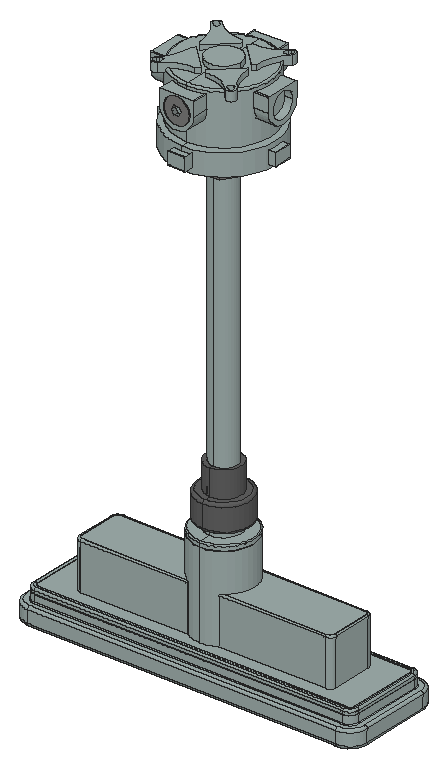
Revit family "EGLL2020-119A^22", category 照明器具, Revit 2020
Family settings
  丸型コネクタ寸法 = 直径を使用
  パーツ タイプ = 標準
  作業面ベース = はい
  常に垂直 = いいえ
  ロード時にボイドで切り取り = いいえ
  光源 = いいえ
  共有 = いいえ
  部屋計算ポイント = はい
Parameters
  既定の高さ = 1219.2 mm
  電源種別_記号 = "AC"
  電源種別 = "一般"
  製造元 = "伊東電機株式会社(ITO DENKI CO.,LTD.)"
  製品質量 = 7.60 kg
  色温度 = "5000"
  形式2 = ""
  形式1 = "パイプ吊形"
  平均演色評価数(Ra) = 83
  定格消費電力（200V時最大） = 0 W
  定格消費電力（200V時平均） = 20.8 W
  定格光束(lm) = 3340 lm
  呼称 = ""
  仕上色 = マンセル7.5BG6/1.5
  光源寿命 = "60000"
  仕様 = ""
  ランプの種類 = "LED"
  カタログ番号 = "HS001104"
  Width = 0 mm
  Height = 0 mm
  Depth = 0 mm
  Clearance Top = 0 mm
  Clearance Right = 0 mm
  Clearance Left = 0 mm
  Clearance Front = 0 mm
  Clearance Bottom = 0 mm
  Clearance Back = 0 mm
Reference planes
  plane 1 "中心(正面/背面)": y = 0
  plane 2: z = 0
  plane 3 "中心(左/右)": x = 0
  plane 4: x = 199
  plane 5: x = -199
  plane 6: y = -60.5
  plane 7: y = 60.5
  plane 8: y = -30
  plane 9: y = 30
  plane 10: x = 10
  plane 11: x = -10
  plane 12: y = 28
  plane 13: y = -28
  plane 14: x = -147
  plane 15: x = 147
  plane 16: z = 630
  plane 17: z = 603
  plane 18: z = 563
  plane 19: z = 538
Forms (mm)
  Extrusion 1, solid, material "強化ガラスt5"
    sketch origin (0, 0, 0) x (1, 0, 0) y (0, 1, 0)
      loop
        arc (-179, 50.5) -> (-186.071, 47.571) -> (-189, 40.5) r 10
        line (-189, 40.5) -> (-189, -40.5)
        arc (-189, -40.5) -> (-186.071, -47.571) -> (-179, -50.5) r 10
        line (-179, -50.5) -> (179, -50.5)
        arc (179, -50.5) -> (186.071, -47.571) -> (189, -40.5) r 10
        line (189, -40.5) -> (189, 40.5)
        arc (189, 40.5) -> (186.071, 47.571) -> (179, 50.5) r 10
        line (179, 50.5) -> (-179, 50.5)
    from 0 to 5
  Sweep 2, solid, material "マンセル7.5BG6/1.5" <- "仕上色"
    path origin (0, 0, 0) x (1, 0, 0) y (0, 1, 0)
      loop
        arc (-179, 60.5) -> (-193.142, 54.642) -> (-199, 40.5) r 20
        line (-199, 40.5) -> (-199, -40.5)
        arc (-199, -40.5) -> (-193.142, -54.642) -> (-179, -60.5) r 20
        line (-179, -60.5) -> (179, -60.5)
        arc (179, -60.5) -> (193.142, -54.642) -> (199, -40.5) r 20
        line (199, -40.5) -> (199, 40.5)
        arc (199, 40.5) -> (193.142, 54.642) -> (179, 60.5) r 20
        line (179, 60.5) -> (-179, 60.5)
    profile origin (0, 60.5, 0) x (0, 1, 0) y (0, 0, 1)
      loop
        arc (-3, 0) -> (-0.879, 0.879) -> (0, 3) r 3
        line (0, 3) -> (0, 17)
        arc (0, 17) -> (-0.879, 19.121) -> (-3, 20) r 3
        line (-3, 20) -> (-9, 20)
        arc (-9, 20) -> (-9.707, 20.293) -> (-10, 21) r 1
        line (-10, 21) -> (-10, 29) -> (-11, 29) -> (-11, 30) -> (-10, 30) -> (-10, 32.964)
        arc (-10, 32.964) -> (-10.596, 34.404) -> (-12.036, 35) r 2.036
        line (-12.036, 35) -> (-15, 35) -> (-15, 5) -> (-10, 5) -> (-10, 0) -> (-3, 0)
  Extrusion 3, solid, material "マンセル7.5BG6/1.5" <- "仕上色"
    sketch origin (0, 0, 0) x (1, 0, 0) y (0, 1, 0)
      loop
        arc (-179, 45.5) -> (-182.536, 44.036) -> (-184, 40.5) r 5
        line (-184, 40.5) -> (-184, -40.5)
        arc (-184, -40.5) -> (-182.536, -44.036) -> (-179, -45.5) r 5
        line (-179, -45.5) -> (179, -45.5)
        arc (179, -45.5) -> (182.536, -44.036) -> (184, -40.5) r 5
        line (184, -40.5) -> (184, 40.5)
        arc (184, 40.5) -> (182.536, 44.036) -> (179, 45.5) r 5
        line (179, 45.5) -> (-179, 45.5)
    from 30 to 35
  Revolve 4, solid, material "マンセル7.5BG6/1.5" <- "仕上色"
    sketch origin (0, 0, 0) x (0, 1, 0) y (0, 0, 1)
      loop
        line (0, 536) -> (0, 35) -> (35, 35) -> (35, 134) -> (34.2, 134) -> (34.2, 135) -> (35, 135) -> (35, 139)
        arc (35, 139) -> (34.707, 139.707) -> (34, 140) r 1
        line (34, 140) -> (20, 140) -> (20, 163.833) -> (15, 163.833) -> (15, 536) -> (0, 536)
      axis (0, 35) -> (0, 536)
    angle from 0 to 360
  Extrusion 5, solid, material "マンセル7.5BG6/1.5" <- "仕上色"
    sketch origin (0, 0, 0) x (1, 0, 0) y (0, 1, 0)
      loop
        line (18.028, 28) -> (18.028, -28) -> (142, -28)
        arc (142, -28) -> (145.536, -26.536) -> (147, -23) r 5
        line (147, -23) -> (147, 23)
        arc (147, 23) -> (145.536, 26.536) -> (142, 28) r 5
        line (142, 28) -> (18.028, 28)
      loop
        line (-18.028, 28) -> (-142, 28)
        arc (-142, 28) -> (-145.536, 26.536) -> (-147, 23) r 5
        line (-147, 23) -> (-147, -23)
        arc (-147, -23) -> (-145.536, -26.536) -> (-142, -28) r 5
        line (-142, -28) -> (-18.028, -28) -> (-18.028, 28)
    from 35 to 90
  Revolve 6, solid, material "橡膠、黑色"
    sketch origin (0, 0, -26.167) x (0, 1, 0) y (0, 0, 1)
      loop
        line (30, 177.167) -> (30, 203.167)
        arc (30, 203.167) -> (29.121, 205.288) -> (27, 206.167) r 3
        line (27, 206.167) -> (20, 206.167) -> (20, 236.167) -> (15, 236.167) -> (15, 201.167) -> (25, 201.167) -> (25, 176.167) -> (29, 176.167)
        arc (29, 176.167) -> (29.707, 176.46) -> (30, 177.167) r 1
      axis (0, 236.167) -> (0, 176.167)
    angle from 0 to 360
  Sweep 7, solid, material "マンセル7.5BG6/1.5" <- "仕上色"
    path origin (0, 0, 0) x (1, 0, 0) y (0, 1, 0)
      loop
        line (18.028, -28) -> (142, -28)
        arc (142, -28) -> (145.536, -26.536) -> (147, -23) r 5
        line (147, -23) -> (147, 23)
        arc (147, 23) -> (145.536, 26.536) -> (142, 28) r 5
        line (142, 28) -> (18.028, 28)
    profile origin (80.014, -28, 0) x (0, 1, 0) y (0, 0, 1)
      loop
        line (0, 35) -> (0, 90)
        arc (0, 90) -> (-1.414, 89.414) -> (-2, 88) r 2
        line (-2, 88) -> (-2, 35) -> (0, 35)
  Sweep 8, solid, material "マンセル7.5BG6/1.5" <- "仕上色"
    path origin (0, 0, 0) x (-1, 0, 0) y (0, 1, 0)
      loop
        line (18.028, -28) -> (142, -28)
        arc (142, -28) -> (145.536, -26.536) -> (147, -23) r 5
        line (147, -23) -> (147, 23)
        arc (147, 23) -> (145.536, 26.536) -> (142, 28) r 5
        line (142, 28) -> (18.028, 28)
    profile origin (-80.014, -28, 0) x (0, -1, 0) y (0, 0, 1)
      loop
        line (0, 35) -> (2, 35) -> (2, 88)
        arc (2, 88) -> (1.414, 89.414) -> (0, 90) r 2
        line (0, 90) -> (0, 35)
  Revolve 9, solid, material "マンセル7.5BG6/1.5" <- "仕上色"
    sketch origin (0, 0, 316) x (0, 1, 0) y (0, 0, 1)
      loop
        line (0, 222) -> (49.5, 222) -> (49.5, 224) -> (50.5, 224) -> (50.5, 222) -> (60.5, 222) -> (60.5, 247) -> (39.178, 247) -> (39.178, 249) -> (54.178, 249) -> (54.178, 307)
        arc (54.178, 307) -> (53.592, 308.414) -> (52.178, 309) r 2
        line (52.178, 309) -> (0, 309) -> (0, 222)
      axis (0, 222) -> (0, 309)
    angle from 0 to 360
  Extrusion 10, solid, material "マンセル7.5BG6/1.5" <- "仕上色"
    sketch origin (0, 0, 316) x (-1, 0, 0) y (0, 0, 1)
      loop
        line (58.5, 242) -> (58.5, 227) -> (68, 227)
        arc (68, 227) -> (68.354, 227.146) -> (68.5, 227.5) r 0.5
        line (68.5, 227.5) -> (68.5, 241.5)
        arc (68.5, 241.5) -> (68.354, 241.854) -> (68, 242) r 0.5
        line (68, 242) -> (58.5, 242)
      loop
        line (-58.338, 242) -> (-68, 242)
        arc (-68, 242) -> (-68.354, 241.854) -> (-68.5, 241.5) r 0.5
        line (-68.5, 241.5) -> (-68.5, 227.5)
        arc (-68.5, 227.5) -> (-68.354, 227.146) -> (-68, 227) r 0.5
        line (-68, 227) -> (-58.338, 227) -> (-58.338, 242)
    from -10 to 10
  Extrusion 11, solid, material "マンセル7.5BG6/1.5" <- "仕上色"
    sketch origin (0, 0, 316) x (0, 1, 0) y (0, 0, 1)
      loop
        line (58.5, 242) -> (58.5, 227) -> (68, 227)
        arc (68, 227) -> (68.354, 227.146) -> (68.5, 227.5) r 0.5
        line (68.5, 227.5) -> (68.5, 241.5)
        arc (68.5, 241.5) -> (68.354, 241.854) -> (68, 242) r 0.5
        line (68, 242) -> (58.5, 242)
      loop
        line (-58.5, 242) -> (-68, 242)
        arc (-68, 242) -> (-68.354, 241.854) -> (-68.5, 241.5) r 0.5
        line (-68.5, 241.5) -> (-68.5, 227.5)
        arc (-68.5, 227.5) -> (-68.354, 227.146) -> (-68, 227) r 0.5
        line (-68, 227) -> (-58.5, 227) -> (-58.5, 242)
    from -10 to 10
  Extrusion 12, solid, material "マンセル7.5BG6/1.5" <- "仕上色"
    sketch origin (0, 0, 316) x (1, 0, 0) y (0, 1, 0)
      loop
        arc (45.975, 41.025) -> (45.975, 45.975) -> (41.025, 45.975) r 3.5
        line (41.025, 45.975) -> (38.904, 43.854)
        arc (38.904, 43.854) -> (38.904, 38.904) -> (43.854, 38.904) r 3.5
        line (43.854, 38.904) -> (45.975, 41.025)
      loop
        arc (39.947, 47.053) -> (24.583, 36.897) -> (6.468, 33.574) r 46.051
        line (6.468, 33.574) -> (2.933, 30.038) -> (30.038, 2.933) -> (33.574, 6.468)
        arc (33.574, 6.468) -> (36.897, 24.583) -> (47.053, 39.947) r 46.051
        arc (47.053, 39.947) -> (47.053, 47.053) -> (39.947, 47.053) r 5.024
      loop
        line (-45.975, 41.025) -> (-43.854, 38.904)
        arc (-43.854, 38.904) -> (-38.904, 38.904) -> (-38.904, 43.854) r 3.5
        line (-38.904, 43.854) -> (-41.025, 45.975)
        arc (-41.025, 45.975) -> (-45.975, 45.975) -> (-45.975, 41.025) r 3.5
      loop
        arc (-39.947, 47.053) -> (-47.053, 47.053) -> (-47.053, 39.947) r 5.024
        arc (-47.053, 39.947) -> (-36.897, 24.583) -> (-33.574, 6.468) r 46.051
        line (-33.574, 6.468) -> (-30.038, 2.933) -> (-2.933, 30.038) -> (-6.468, 33.574)
        arc (-6.468, 33.574) -> (-24.583, 36.897) -> (-39.947, 47.053) r 46.051
      loop
        line (45.975, -41.025) -> (43.854, -38.904)
        arc (43.854, -38.904) -> (38.904, -38.904) -> (38.904, -43.854) r 3.5
        line (38.904, -43.854) -> (41.025, -45.975)
        arc (41.025, -45.975) -> (45.975, -45.975) -> (45.975, -41.025) r 3.5
      loop
        arc (39.947, -47.053) -> (47.053, -47.053) -> (47.053, -39.947) r 5.024
        arc (47.053, -39.947) -> (36.897, -24.583) -> (33.574, -6.468) r 46.051
        line (33.574, -6.468) -> (30.038, -2.933) -> (2.933, -30.038) -> (6.468, -33.574)
        arc (6.468, -33.574) -> (24.583, -36.897) -> (39.947, -47.053) r 46.051
      loop
        arc (-45.975, -41.025) -> (-45.975, -45.975) -> (-41.025, -45.975) r 3.5
        line (-41.025, -45.975) -> (-38.904, -43.854)
        arc (-38.904, -43.854) -> (-38.904, -38.904) -> (-43.854, -38.904) r 3.5
        line (-43.854, -38.904) -> (-45.975, -41.025)
      loop
        arc (-39.947, -47.053) -> (-24.583, -36.897) -> (-6.468, -33.574) r 46.051
        line (-6.468, -33.574) -> (-2.933, -30.038) -> (-30.038, -2.933) -> (-33.574, -6.468)
        arc (-33.574, -6.468) -> (-36.897, -24.583) -> (-47.053, -39.947) r 46.051
        arc (-47.053, -39.947) -> (-47.053, -47.053) -> (-39.947, -47.053) r 5.024
      loop
        circle (0, 0) r 19.48
    from 304 to 314
  Extrusion 13, solid, material "金屬"
    sketch origin (0, 0, 277.5) x (1, 0, 0) y (0, 1, 0)
      loop
        circle (0, 0) r 15
      loop
        line (-11.547, 20) -> (-23.094, 0) -> (-11.547, -20) -> (11.547, -20) -> (23.094, 0) -> (11.547, 20) -> (-11.547, 20)
    from 236.167 to 246.167
  Extrusion 14, solid, material "マンセル7.5BG6/1.5" <- "仕上色"
    sketch origin (0, 0, 292.96) x (1, 0, 0) y (0, 1, 0)
      loop
        circle (0, 0) r 15
      loop
        line (-11.547, 20) -> (-23.094, 0) -> (-11.547, -20) -> (11.547, -20) -> (23.094, 0) -> (11.547, 20) -> (-11.547, 20)
    from 230.707 to 245.04
  Extrusion 15, solid, material "金屬"
    sketch origin (0, -8, 316) x (1, 0, 0) y (0, 0, 1)
      loop
        circle (0, 287) r 15
      loop
        line (-2.887, 292) -> (-5.774, 287) -> (-2.887, 282) -> (2.887, 282) -> (5.774, 287) -> (2.887, 292) -> (-2.887, 292)
    from 55.681 to 60.5
  Extrusion 16, void
    sketch origin (0, -8, 316) x (1, 0, 0) y (0, 0, 1)
      loop
        circle (0, 287) r 15
    from 50.338 to 60.5
  Extrusion 17, solid, material "マンセル7.5BG6/1.5" <- "仕上色"
    sketch origin (0, -8, 316) x (1, 0, 0) y (0, 0, 1)
      loop
        arc (-20, 287) -> (-14.142, 272.858) -> (0, 267) r 20
        arc (0, 267) -> (14.142, 272.858) -> (20, 287) r 20
        line (20, 287) -> (20, 303)
        arc (20, 303) -> (19.707, 303.707) -> (19, 304) r 1
        line (19, 304) -> (-19, 304)
        arc (-19, 304) -> (-19.707, 303.707) -> (-20, 303) r 1
        line (-20, 303) -> (-20, 287)
    from 40.311 to 60.5
  Extrusion 18, void
    sketch origin (0, 8, 316) x (1, 0, 0) y (0, 0, -1)
      loop
        circle (0, -287) r 15
    from 50.338 to 60.5
  Extrusion 19, solid, material "マンセル7.5BG6/1.5" <- "仕上色"
    sketch origin (0, 8, 316) x (1, 0, 0) y (0, 0, -1)
      loop
        line (-20, -287) -> (-20, -303)
        arc (-20, -303) -> (-19.707, -303.707) -> (-19, -304) r 1
        line (-19, -304) -> (19, -304)
        arc (19, -304) -> (19.707, -303.707) -> (20, -303) r 1
        line (20, -303) -> (20, -287)
        arc (20, -287) -> (0, -267) -> (-20, -287) r 20
    from 40.311 to 60.5
  Extrusion 20, void
    sketch origin (8, 0, 316) x (0, 1, 0) y (0, 0, 1)
      loop
        circle (0, 287) r 15
    from 50.338 to 60.5
  Extrusion 21, solid, material "マンセル7.5BG6/1.5" <- "仕上色"
    sketch origin (8, 0, 316) x (0, 1, 0) y (0, 0, 1)
      loop
        arc (-20, 287) -> (0, 267) -> (20, 287) r 20
        line (20, 287) -> (20, 303)
        arc (20, 303) -> (19.707, 303.707) -> (19, 304) r 1
        line (19, 304) -> (-19, 304)
        arc (-19, 304) -> (-19.707, 303.707) -> (-20, 303) r 1
        line (-20, 303) -> (-20, 287)
    from 40.311 to 60.5
  Extrusion 22, void
    sketch origin (-8, 0, 316) x (0, 1, 0) y (0, 0, -1)
      loop
        circle (0, -287) r 15
    from 50.338 to 60.5
  Extrusion 23, solid, material "マンセル7.5BG6/1.5" <- "仕上色"
    sketch origin (-8, 0, 316) x (0, 1, 0) y (0, 0, -1)
      loop
        line (-20, -287) -> (-20, -303)
        arc (-20, -303) -> (-19.707, -303.707) -> (-19, -304) r 1
        line (-19, -304) -> (19, -304)
        arc (19, -304) -> (19.707, -303.707) -> (20, -303) r 1
        line (20, -303) -> (20, -287)
        arc (20, -287) -> (0, -267) -> (-20, -287) r 20
    from 40.311 to 60.5
Cuts and joins
  Extrusion 16, Extrusion 18, Extrusion 20, Extrusion 22 cuts Revolve 9
  Extrusion 16 cuts Extrusion 17
  Extrusion 20 cuts Extrusion 21
  Extrusion 18 cuts Extrusion 19
  Extrusion 22 cuts Extrusion 23
Dimensions and locks
  plane 6 to plane 1 "中心(正面/背面)" to plane 7 = 60.5 mm, 60.5 mm
  plane 6 to plane 7 = 121 mm
  equal spacing: plane 4, plane 3 "中心(左/右)", plane 5
  plane 4 to plane 5 = 398 mm
  plane 16 to level = 630 mm
  plane 16 to plane 17 = 27 mm
  aligned and locked: level to plane 2
Automatic sketch dimensions
  plane 5 to Extrusion 1 sketch curve = 10 mm
  Extrusion 1 sketch curve to Extrusion 1 sketch curve = 10 mm  (x2)
  Extrusion 1 sketch curve to plane 4 = 20 mm  (x2)
  plane 8 to Extrusion 1 sketch curve = 10.5 mm
  Extrusion 1 sketch curve to plane 4 = 10 mm
  Extrusion 1 sketch curve to plane 9 = 10.5 mm
  Sweep 2 sketch curve to plane 5 = 0 mm
  plane 6 to Sweep 2 sketch curve = 0 mm
  plane 7 to Sweep 2 sketch curve = 0 mm
  Sweep 2 sketch curve to plane 4 = 0 mm
  plane 5 to Sweep 2 sketch curve = 20 mm  (x2)
  plane 8 to Sweep 2 sketch curve = 10.5 mm
  Sweep 2 sketch curve to plane 4 = 20 mm
  Sweep 2 sketch curve to level = 0 mm
  Sweep 2 sketch curve to profile plane = 0 mm
  profile plane to Sweep 2 sketch curve = 3 mm
  Sweep 2 sketch curve to Sweep 2 sketch curve = 3 mm
  Sweep 2 sketch curve to Sweep 2 sketch curve = 6 mm
  Sweep 2 sketch curve to Sweep 2 sketch curve = 7 mm
  Sweep 2 sketch curve to Sweep 2 sketch curve = 1 mm  (x3)
  Sweep 2 sketch curve to Sweep 2 sketch curve = 0 mm
  Sweep 2 sketch curve to Sweep 2 sketch curve = 2.036 mm
  Sweep 2 sketch curve to Sweep 2 sketch curve = 2.964 mm  (x2)
  level to Sweep 2 sketch curve = 5 mm
  Sweep 2 sketch curve to Sweep 2 sketch curve = 12 mm
  Sweep 2 sketch curve to Sweep 2 sketch curve = 8 mm
  plane 5 to Extrusion 3 sketch curve = 15 mm
  Extrusion 3 sketch curve to Extrusion 3 sketch curve = 5 mm  (x3)
  Extrusion 3 sketch curve to plane 4 = 20 mm  (x2)
  plane 8 to Extrusion 3 sketch curve = 10.5 mm
  Extrusion 3 sketch curve to plane 9 = 10.5 mm
  Revolve 4 sketch curve to plane 1 "中心(正面/背面)" = 0 mm  (x2)
  Revolve 4 sketch curve to plane 1 "中心(正面/背面)" = 15 mm
  Revolve 4 sketch curve to Revolve 4 sketch curve = 5 mm
  Revolve 4 sketch curve to plane 9 = 4 mm
  Revolve 4 sketch curve to plane 9 = 4.2 mm
  Revolve 4 sketch curve to plane 9 = 5 mm
  Revolve 4 sketch curve to Revolve 4 sketch curve = 0.8 mm
  level to Revolve 4 sketch curve = 35 mm
  Revolve 4 sketch curve to Revolve 4 sketch curve = 99 mm
  Revolve 4 sketch curve to Revolve 4 sketch curve = 1 mm
  Revolve 4 sketch curve to Revolve 4 sketch curve = 4 mm
  Revolve 4 sketch curve to Revolve 4 sketch curve = 23.833 mm
  Revolve 4 sketch curve to plane 19 = 2 mm
  Revolve 4 sketch curve to plane 18 = 7 mm
  plane 18 to Revolve 4 sketch curve = 3 mm
  Extrusion 5 sketch curve to plane 14 = 0 mm
  plane 13 to Extrusion 5 sketch curve = 0 mm  (x2)
  plane 12 to Extrusion 5 sketch curve = 0 mm  (x2)
  Extrusion 5 sketch curve to plane 15 = 0 mm
  plane 12 to Extrusion 5 sketch curve = 5 mm  (x2)
  Extrusion 5 sketch curve to plane 13 = 5 mm  (x2)
  Extrusion 5 sketch curve to plane 11 = 8.028 mm
  plane 10 to Extrusion 5 sketch curve = 8.028 mm
  Revolve 6 sketch curve to plane 1 "中心(正面/背面)" = 0 mm
  Revolve 6 sketch curve to plane 9 = 0 mm
  Revolve 6 sketch curve to plane 1 "中心(正面/背面)" = 15 mm
  Revolve 6 sketch curve to Revolve 6 sketch curve = 5 mm  (x2)
  plane 9 to Revolve 6 sketch curve = 5 mm
  Revolve 6 sketch curve to Revolve 6 sketch curve = 2 mm  (x2)
  plane 9 to Revolve 6 sketch curve = 1 mm
  level to Revolve 6 sketch curve = 150 mm
  Revolve 6 sketch curve to Revolve 6 sketch curve = 24 mm
  Revolve 6 sketch curve to Revolve 6 sketch curve = 30 mm
  Revolve 6 sketch curve to Revolve 6 sketch curve = 6 mm
  Sweep 7 sketch curve to plane 8 = 7 mm
  Sweep 7 sketch curve to plane 4 = 57 mm
  plane 9 to Sweep 7 sketch curve = 2 mm
  Sweep 7 sketch curve to Sweep 7 sketch curve = 0 mm
  Sweep 7 sketch curve to Sweep 7 sketch curve = 5 mm
  plane 10 to Sweep 7 sketch curve = 8.028 mm  (x2)
  Sweep 7 sketch curve to profile plane = 0 mm
  profile plane to Sweep 7 sketch curve = 2 mm
  level to Sweep 7 sketch curve = 35 mm
  Sweep 7 sketch curve to Sweep 7 sketch curve = 53 mm
  plane 8 to Sweep 8 sketch curve = 7 mm
  Sweep 8 sketch curve to plane 5 = 57 mm
  Sweep 8 sketch curve to plane 9 = 2 mm
  Sweep 8 sketch curve to Sweep 8 sketch curve = 0 mm
  Sweep 8 sketch curve to Sweep 8 sketch curve = 5 mm
  plane 11 to Sweep 8 sketch curve = 8.028 mm  (x2)
  Sweep 8 sketch curve to profile plane = 0 mm
  Sweep 8 sketch curve to Sweep 8 sketch curve = 2 mm
  level to Sweep 8 sketch curve = 35 mm
  Sweep 8 sketch curve to Sweep 8 sketch curve = 53 mm
  Revolve 9 sketch curve to plane 1 "中心(正面/背面)" = 0 mm  (x2)
  Revolve 9 sketch curve to plane 18 = 0 mm
  Revolve 9 sketch curve to plane 19 = 0 mm  (x2)
  Revolve 9 sketch curve to plane 7 = 0 mm
  plane 18 to Revolve 9 sketch curve = 2 mm
  Revolve 9 sketch curve to plane 9 = 9.178 mm
  plane 7 to Revolve 9 sketch curve = 11 mm
  Revolve 9 sketch curve to Revolve 9 sketch curve = 1 mm
  plane 7 to Revolve 9 sketch curve = 8.322 mm
  plane 7 to Revolve 9 sketch curve = 6.322 mm
  plane 19 to Revolve 9 sketch curve = 2 mm
  Revolve 9 sketch curve to plane 16 = 7 mm
  plane 16 to Revolve 9 sketch curve = 10 mm
  Revolve 9 sketch curve to Revolve 9 sketch curve = 10 mm
  plane 1 "中心(正面/背面)" to Extrusion 13 sketch curve = 0 mm  (x3)
  Extrusion 13 sketch curve to plane 3 "中心(左/右)" = 0 mm
  Extrusion 13 sketch curve to plane 11 = 1.547 mm  (x2)
  Extrusion 13 sketch curve to plane 11 = 13.094 mm
  plane 10 to Extrusion 13 sketch curve = 1.547 mm  (x2)
  plane 10 to Extrusion 13 sketch curve = 13.094 mm
  Extrusion 13 sketch curve to plane 8 = 10 mm
  plane 9 to Extrusion 13 sketch curve = 10 mm
  plane 1 "中心(正面/背面)" to Extrusion 14 sketch curve = 0 mm  (x3)
  Extrusion 14 sketch curve to plane 3 "中心(左/右)" = 0 mm
  Extrusion 14 sketch curve to plane 11 = 1.547 mm  (x2)
  Extrusion 14 sketch curve to plane 11 = 13.094 mm
  plane 10 to Extrusion 14 sketch curve = 1.547 mm  (x2)
  plane 10 to Extrusion 14 sketch curve = 13.094 mm
  Extrusion 14 sketch curve to plane 8 = 10 mm
  plane 9 to Extrusion 14 sketch curve = 10 mm
  Extrusion 15 sketch curve to plane 17 = 0 mm  (x3)
  Extrusion 15 sketch curve to plane 3 "中心(左/右)" = 0 mm
  Extrusion 15 sketch curve to plane 3 "中心(左/右)" = 2.887 mm  (x2)
  plane 11 to Extrusion 15 sketch curve = 4.226 mm
  plane 3 "中心(左/右)" to Extrusion 15 sketch curve = 2.887 mm  (x2)
  Extrusion 15 sketch curve to plane 10 = 4.226 mm
  Extrusion 15 sketch curve to plane 17 = 5 mm
  plane 17 to Extrusion 15 sketch curve = 5 mm
  Extrusion 16 sketch curve to plane 3 "中心(左/右)" = 0 mm
  Extrusion 16 sketch curve to plane 17 = 0 mm
  Extrusion 18 sketch curve to plane 3 "中心(左/右)" = 0 mm
  Extrusion 18 sketch curve to plane 17 = 0 mm
  Extrusion 19 sketch curve to plane 17 = 0 mm
  Extrusion 19 sketch curve to plane 3 "中心(左/右)" = 0 mm
  Extrusion 19 sketch curve to plane 11 = 9 mm
  Extrusion 19 sketch curve to Extrusion 19 sketch curve = 1 mm  (x2)
  Extrusion 19 sketch curve to plane 16 = 11 mm
  Extrusion 20 sketch curve to plane 1 "中心(正面/背面)" = 0 mm
  Extrusion 20 sketch curve to plane 17 = 0 mm
  Extrusion 21 sketch curve to plane 17 = 0 mm
  Extrusion 21 sketch curve to plane 1 "中心(正面/背面)" = 0 mm
  Extrusion 21 sketch curve to plane 8 = 11 mm
  Extrusion 21 sketch curve to Extrusion 21 sketch curve = 1 mm  (x2)
  Extrusion 21 sketch curve to plane 16 = 11 mm
  Extrusion 22 sketch curve to plane 1 "中心(正面/背面)" = 0 mm
  Extrusion 22 sketch curve to plane 17 = 0 mm
  Extrusion 23 sketch curve to plane 17 = 0 mm
  Extrusion 23 sketch curve to plane 1 "中心(正面/背面)" = 0 mm
  Extrusion 23 sketch curve to plane 8 = 11 mm
  Extrusion 23 sketch curve to Extrusion 23 sketch curve = 1 mm  (x2)
  Extrusion 23 sketch curve to plane 16 = 11 mm
  Extrusion 10 sketch curve to plane 18 = 5.5 mm
  plane 10 to Extrusion 10 sketch curve = 58.5 mm
  Extrusion 10 sketch curve to Extrusion 10 sketch curve = 0.5 mm  (x3)
  Extrusion 10 sketch curve to Extrusion 10 sketch curve = 9.662 mm
  Extrusion 10 sketch curve to plane 18 = 5 mm
  Extrusion 10 sketch curve to plane 11 = 48.5 mm
  Extrusion 10 sketch curve to Extrusion 10 sketch curve = 9.5 mm  (x2)
  plane 19 to Extrusion 10 sketch curve = 5.5 mm  (x2)
  plane 6 to Extrusion 11 sketch curve = 8 mm
  Extrusion 11 sketch curve to Extrusion 11 sketch curve = 0.5 mm  (x3)
  Extrusion 11 sketch curve to plane 6 = 2 mm
  plane 7 to Extrusion 11 sketch curve = 2 mm
  Extrusion 11 sketch curve to plane 7 = 7.5 mm  (x2)
  plane 19 to Extrusion 11 sketch curve = 5 mm  (x2)
  Extrusion 11 sketch curve to plane 18 = 5.5 mm  (x2)
  Extrusion 12 sketch curve to Extrusion 12 sketch curve = 0 mm  (x18)
  plane 1 "中心(正面/背面)" to Extrusion 12 sketch curve = 0 mm
  Extrusion 12 sketch curve to plane 3 "中心(左/右)" = 0 mm
  Extrusion 12 sketch curve to plane 9 = 0.038 mm  (x2)
  Extrusion 12 sketch curve to plane 3 "中心(左/右)" = 2.933 mm  (x2)
  plane 8 to Extrusion 12 sketch curve = 0.038 mm  (x2)
  plane 11 to Extrusion 12 sketch curve = 3.532 mm  (x2)
  plane 11 to Extrusion 12 sketch curve = 2.616 mm  (x2)
  Extrusion 12 sketch curve to plane 1 "中心(正面/背面)" = 2.933 mm  (x2)
  Extrusion 12 sketch curve to plane 11 = 20.038 mm
  plane 1 "中心(正面/背面)" to Extrusion 12 sketch curve = 2.933 mm  (x2)
  plane 1 "中心(正面/背面)" to Extrusion 12 sketch curve = 6.468 mm  (x2)
  Extrusion 12 sketch curve to plane 1 "中心(正面/背面)" = 6.468 mm  (x2)
  plane 8 to Extrusion 12 sketch curve = 13.854 mm  (x2)
  Extrusion 12 sketch curve to plane 11 = 28.904 mm  (x2)
  Extrusion 12 sketch curve to plane 9 = 13.854 mm  (x2)
  Extrusion 12 sketch curve to plane 6 = 14.525 mm  (x2)
  Extrusion 12 sketch curve to Extrusion 12 sketch curve = 2.121 mm  (x12)
  plane 7 to Extrusion 12 sketch curve = 14.525 mm  (x2)
  Extrusion 12 sketch curve to Extrusion 12 sketch curve = 2.475 mm  (x8)
  plane 8 to Extrusion 12 sketch curve = 8.904 mm  (x2)
  Extrusion 12 sketch curve to plane 9 = 8.904 mm  (x2)
  plane 8 to Extrusion 12 sketch curve = 11.025 mm  (x2)
  Extrusion 12 sketch curve to plane 9 = 11.025 mm  (x2)
  Extrusion 12 sketch curve to plane 1 "中心(正面/背面)" = 7.384 mm  (x2)
  Extrusion 12 sketch curve to Extrusion 12 sketch curve = 46.042 mm  (x2)
  plane 1 "中心(正面/背面)" to Extrusion 12 sketch curve = 7.384 mm  (x2)
  plane 3 "中心(左/右)" to Extrusion 12 sketch curve = 2.933 mm  (x2)
  Extrusion 12 sketch curve to plane 10 = 3.532 mm  (x2)
  Extrusion 12 sketch curve to plane 10 = 2.616 mm  (x2)
  plane 10 to Extrusion 12 sketch curve = 20.038 mm
  plane 10 to Extrusion 12 sketch curve = 28.904 mm  (x2)
  plane 6 to Extrusion 12 sketch curve = 19.116 mm
  Extrusion 12 sketch curve to plane 7 = 19.116 mm
  Extrusion 17 sketch curve to plane 17 = 0 mm  (x2)
  Extrusion 17 sketch curve to plane 3 "中心(左/右)" = 0 mm
  Extrusion 17 sketch curve to plane 11 = 9 mm
  plane 10 to Extrusion 17 sketch curve = 9 mm
  Extrusion 17 sketch curve to Extrusion 17 sketch curve = 1 mm
  Extrusion 17 sketch curve to plane 16 = 11 mm
  radius of Extrusion 13 sketch curve = 15 mm
  radius of Extrusion 14 sketch curve = 15 mm
  radius of Extrusion 15 sketch curve = 15 mm
  radius of Extrusion 16 sketch curve = 15 mm
  radius of Extrusion 18 sketch curve = 15 mm
  radius of Extrusion 20 sketch curve = 15 mm
  radius of Extrusion 22 sketch curve = 15 mm
  radius of Extrusion 12 sketch curve = 19.48 mm
Nested families
  nested 1: "EXICL2022ASA9-22_ies" at (-0.035, 0.041, -1500.142), type "EXICL2022ASA9-22_ies"
Connectors
  electrical at (0, 0, 630)
    settings: on Extrusion 12, index 1, voltage 0 V, apparent load 0 VA, apparent load phase1 0 VA, apparent load phase2 0 VA, apparent load phase3 0 VA, power factor 1, load classification "其他", number of poles 1, system type 31, power factor state 1, is connector primary yes, connector utility no, sub classification motor no, connector description ""
Definition of nested family "EXICL2022ASA9-22_ies"
  Parameters (values of type "EXICL022SA9-0_ies")
    Default Elevation = 1219.2 mm
    Wattage = 22.4852 W
    built-in parameter 1150110 = 1 (stored number, unit not read)
    built-in parameter 1114217 = 1 (stored number, unit not read)
    built-in parameter 1150109 = 1 (stored number, unit not read)
    built-in parameter 1150134 = 2
    built-in parameter 1150113 = 1 (stored number, unit not read)
    Lumens = 3340 lm
    built-in parameter 1150115 = 1 (stored number, unit not read)
    built-in parameter 1150105 = 265.79 (stored number, unit not read)
    built-in parameter 1150137 = (empty or 0)
    built-in parameter 1150139 = (empty or 0)
    built-in parameter 1150112 = 1 (stored number, unit not read)
    built-in parameter 1150114 = 1 (stored number, unit not read)
    built-in parameter 1150132 = 2
    built-in parameter 1150102 = (empty or 0)
    built-in parameter 1150138 = (empty or 0)
    built-in parameter 1150107 = 5000 (stored number, unit not read)
    built-in parameter 1150106 = 2.6579 (stored number, unit not read)
    built-in parameter 1150104 = 13.8 (stored number, unit not read)
    Dimming Lamp Color Temperature Shift = (empty or 0)
    Color Filter = 16777215
    built-in parameter 1114218 = 1 (stored number, unit not read)
    built-in parameter 1150133 = 10 (stored number, unit not read)
    Photometric Web File = "EXICL022SA9(S)-0_LED.ies"
    Tilt Angle = 90.00°
  Reference planes
    plane 1 "光源軸(正面/背面)": y = 0
    plane 2: z = 0
    plane 3 "光源軸(左/右)": x = 0
    plane 4 "光源高さ": z = 1500
  Dimensions and locks
    aligned and locked: plane 3 "光源軸(左/右)" to imposter light
    aligned and locked: plane 1 "光源軸(正面/背面)" to imposter light
    aligned and locked: plane 4 "光源高さ" to imposter light
    aligned and locked: level to plane 2
